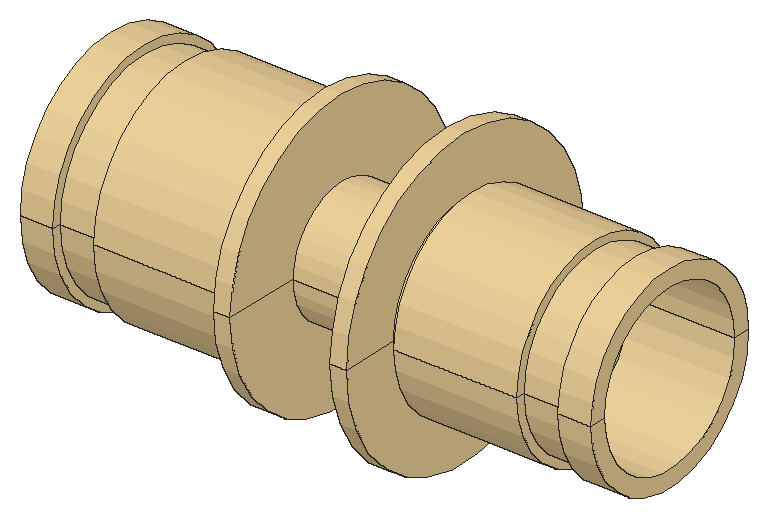
Revit family "ABC-PEX_Фитинг_Переходник Редукционный_Переходник Равностороний", category Соединительные детали трубопроводов, Revit 2019
Family settings
  Размер круглого соединителя = Использовать диаметр
  Тип детали = Переход
  На основе рабочей плоскости = Нет
  Всегда вертикально = Нет
  При загрузке вырезать с полостями = Нет
  Общий = Да
Parameters
  Таблица выбора = "ABC-PEX_Фитинг_Переходник Редукционный_Переходник Равностороний"  # constant formula
  Маткриал_Корпус = Латунь
  z [instance] = size_lookup(Таблица выбора, "z", 30 mm, DN1, DN2)  # 19 mm
  a [instance] = size_lookup(Таблица выбора, "a", 30 mm, DN1, DN2)  # 44 mm
  DN2 [instance] = 16 mm
  DN1 [instance] = 20 mm
  ADSK_Примечание = ""
  ADSK_Наименование [instance] = size_lookup(Таблица выбора, "ADSK_Наименование", "Нет в каталоге", DN1, DN2)  # "Переходник редукционный DN16x20"
  ADSK_Масса [instance] = size_lookup(Таблица выбора, "ADSK_Масса", 0, DN1, DN2)  # 0.008
  ADSK_Марка [instance] = size_lookup(Таблица выбора, "ADSK_Марка", "Нет в каталоге", DN1, DN2)  # "ABC-F-21620"
  ADSK_Завод-изготовитель = "Agpipe"  # constant formula
Reference planes
  plane 1 "По центру (Вперед/Назад)": y = 0
  plane 2: z = 0
  plane 3 "По центру (Влево/Вправо)": x = 0
  plane 4: y = 10
  plane 5: y = -10
  plane 6: x = -22
  plane 7: x = 22
  plane 8: x = -9.5
  plane 9: x = 9.5
  plane 10: y = 8
  plane 11: y = -8
  plane 12: y = 8
  plane 13: y = -8
Forms (mm)
  Revolve 1, solid, material "Латунь" <- "Маткриал_Корпус", detail levels fine
    sketch origin (0, 0, 0) x (1, 0, 0) y (0, 1, 0)
      loop
        line (22, 0) -> (22, 8) -> (9.5, 8) -> (9.5, 11) -> (8.5, 11) -> (8.5, 18) -> (6.5, 18) -> (6.5, 7.5) -> (-6.5, 7.5) -> (-6.5, 17) -> (-8.5, 17) -> (-8.5, 13) -> (-9.5, 13) -> (-9.5, 10) -> (-22, 10) -> (-22, 0) -> (22, 0)
      axis (-22, 0) -> (22, 0)
    angle from 0 to 360
  Revolve 2, void
    sketch origin (0, 0, 0) x (1, 0, 0) y (0, 1, 0)
      loop
        line (-22, 0) -> (-9.5, 0) -> (-9.5, 8) -> (-22, 8) -> (-22, 0)
      axis (-22, 0) -> (-9.5, 0)
    angle from 0 to 360
  Revolve 3, void
    sketch origin (0, 0, 0) x (1, 0, 0) y (0, 1, 0)
      loop
        line (9.5, 0) -> (22, 0) -> (22, 6) -> (9.5, 6) -> (9.5, 0)
      axis (9.5, 0) -> (22, 0)
    angle from 0 to 360
Cuts and joins
  Revolve 2, Revolve 3 cuts Revolve 1
Lines and regions (mm)
  reference lines
    curve 1: line (-22, 0, 0) -> (22, 0, 0)
  symbolic lines, detail levels coarse+medium
    curve 2: line (-22, 0, 0) -> (22, 0, 0)
Dimensions and locks
  equal spacing: plane 4, plane 1 "По центру (Вперед/Назад)", plane 5
  "DN1": plane 4 to plane 5
  equal spacing: plane 6, plane 3 "По центру (Влево/Вправо)", plane 7
  "a": plane 6 to plane 7
  equal spacing: plane 8, plane 3 "По центру (Влево/Вправо)", plane 9
  "z": plane 8 to plane 9
  equal spacing: plane 10, plane 1 "По центру (Вперед/Назад)", plane 11
  "DN2": plane 10 to plane 11
  locked: plane 8 to Revolve 1 sketch curve at 1
  locked: Revolve 1 sketch curve to Revolve 1 sketch curve at 2
  locked: Revolve 1 sketch curve to Revolve 1 sketch curve at 1
  locked: Revolve 1 sketch curve to plane 10 at 3
  locked: plane 4 to Revolve 2 sketch curve at 2
  locked: Revolve 1 sketch curve to Revolve 1 sketch curve at 7
  Revolve 1 sketch curve to Revolve 1 sketch curve to Revolve 1 sketch curve = 4 mm locked, 3 mm locked
  equal spacing: plane 12, plane 1 "По центру (Вперед/Назад)", plane 13
  "DN2": plane 12 to plane 13
  locked: plane 12 to Revolve 3 sketch curve at 2
  aligned and locked: level to plane 2
  aligned and locked: plane 7 to curve 1
  aligned and locked: plane 6 to curve 1
  aligned and locked: plane 1 "По центру (Вперед/Назад)" to Revolve 1 sketch curve
  aligned and locked: plane 4 to Revolve 1 sketch curve
  aligned and locked: plane 10 to Revolve 1 sketch curve
  aligned and locked: plane 7 to Revolve 1 sketch curve
  aligned and locked: Revolve 1 sketch curve to plane 6
  aligned and locked: Revolve 1 sketch curve to plane 8
  aligned and locked: Revolve 1 sketch curve to plane 9
  aligned and locked: plane 9 to nested 1
  aligned and locked: plane 8 to nested 2
  aligned and locked: Revolve 1 sketch curve to plane 1 "По центру (Вперед/Назад)"
  aligned and locked: Revolve 2 sketch curve to plane 6
  aligned and locked: plane 1 "По центру (Вперед/Назад)" to Revolve 2 sketch curve  (x2)
  aligned and locked: plane 1 "По центру (Вперед/Назад)" to Revolve 3 sketch curve
  aligned and locked: plane 6 to curve 2
  aligned and locked: plane 7 to curve 2
Automatic sketch dimensions
  plane 1 "По центру (Вперед/Назад)" to curve 1 = 0 mm
  Revolve 2 sketch curve to plane 8 = 0 mm
  Revolve 2 sketch curve to plane 6 = 7.256 mm
  Revolve 2 sketch curve to Revolve 2 sketch curve = 4.744 mm
  Revolve 1 sketch curve to plane 8 = 0 mm
  Revolve 1 sketch curve to Revolve 1 sketch curve = 2 mm
  Revolve 1 sketch curve to plane 4 = 2.5 mm
  Revolve 1 sketch curve to plane 9 = 4 mm
  plane 1 "По центру (Вперед/Назад)" to Revolve 3 sketch curve = 0 mm
  Revolve 3 sketch curve to plane 9 = 0 mm
  Revolve 3 sketch curve to plane 7 = 0 mm
  Revolve 3 sketch curve to plane 6 = 32 mm
  Revolve 3 sketch curve to Revolve 3 sketch curve = 18 mm
  plane 1 "По центру (Вперед/Назад)" to curve 2 = 0 mm
Nested families
  nested 1: "ABC-PEX_Фитинг_Надвижная гильза" at (21.5, 0, 0), DN <- "DN2", type "ABC-PEX_Фитинг_Надвижная гильза", detail levels fine
    with b 24 mm, a 24 mm, DN 16 mm, ADSK_Наименование "Надвижная гильза DN16", ADSK_Масса 0.008, ADSK_Марка "ABC-F-116"
  nested 2: "ABC-PEX_Фитинг_Надвижная гильза" at (-22, 0, 0) x (-1, 0, 0) z (0, 0, 1), DN <- "DN1", type "ABC-PEX_Фитинг_Надвижная гильза", detail levels fine
    with b 28 mm, a 25 mm, DN 20 mm, ADSK_Наименование "Надвижная гильза DN20", ADSK_Масса 0.012, ADSK_Марка "ABC-F-120"
Connectors
  piping at (-22, 0, 0), diameter 20, driven by "DN1"
    settings: on curve 1, index 1, connector inside diameter 609.6 mm, connector length 0 mm, flow factor 0, pipe flow 0.0 L/s, pressure drop 0.0 Pa, fitting loss kfactor 0, connector angle 0.00°, fixture units 0, engagement length 0 mm, angle of deflection 0.00°, flow configuration 0, flow direction 0, fitting loss method 0, system type 28, joint type 0, gender type 0, connector reference index 2, connector utility 0, adjustable connector no, is connector primary yes, connector description ""
  piping at (22, 0, 0), diameter 16, driven by "DN2"
    settings: on curve 1, index 2, connector inside diameter 609.6 mm, connector length 0 mm, flow factor 0, pipe flow 0.0 L/s, pressure drop 0.0 Pa, fitting loss kfactor 0, connector angle 0.00°, fixture units 0, engagement length 0 mm, angle of deflection 0.00°, flow configuration 0, flow direction 0, fitting loss method 0, system type 28, joint type 0, gender type 0, connector reference index 1, connector utility 0, adjustable connector no, is connector primary no, connector description ""
Definition of nested family "ABC-PEX_Фитинг_Надвижная гильза"
  Parameters (values of type "ABC-PEX_Фитинг_Надвижная гильза")
    Таблица выбора = "ABC-PEX_Фитинг_Надвижная гильза"  # constant formula
    Маткриал_Корпус = none
    b [instance] = size_lookup(Таблица выбора, "b", 30 mm, DN)  # 24 mm
    a [instance] = size_lookup(Таблица выбора, "a", 30 mm, DN)  # 24 mm
    DN [instance] = 16 mm
    ADSK_Примечание = ""
    ADSK_Наименование [instance] = size_lookup(Таблица выбора, "ADSK_Наименование", "Нет в каталоге", DN)  # "Надвижная гильза DN16"
    ADSK_Масса [instance] = size_lookup(Таблица выбора, "ADSK_Масса", 0, DN)  # 0.008
    ADSK_Марка [instance] = size_lookup(Таблица выбора, "ADSK_Марка", "Нет в каталоге", DN)  # "ABC-F-116"
    ADSK_Завод-изготовитель = "Agpipe"  # constant formula
  Reference planes
    plane 1 "По центру (Вперед/Назад)": y = 0
    plane 2: z = 0
    plane 3 "По центру (Влево/Вправо)": x = 0
    plane 4: y = 12
    plane 5: y = -12
    plane 6: x = -12
    plane 7: x = 12
    plane 8: y = 8
    plane 9: y = -8
  Forms (mm)
    Revolve 1, solid, material <- "Маткриал_Корпус"
      sketch origin (0, 0, 0) x (1, 0, 0) y (0, 1, 0)
        loop
          line (-12, 12) -> (-12, 10) -> (12, 10) -> (12, 12) -> (8, 12) -> (8, 11) -> (3, 11) -> (3, 12) -> (-12, 12)
        axis (-12, 0) -> (12, 0)
      angle from 0 to 360
  Lines and regions (mm)
    reference lines
      curve 1: line (-12, 0, 0) -> (12, 0, 0)
  Dimensions and locks
    equal spacing: plane 4, plane 1 "По центру (Вперед/Назад)", plane 5
    "b": plane 4 to plane 5
    equal spacing: plane 6, plane 3 "По центру (Влево/Вправо)", plane 7
    "a": plane 6 to plane 7
    plane 4 to Revolve 1 sketch curve = 2 mm
    equal spacing: plane 9, plane 1 "По центру (Вперед/Назад)", plane 8
    "DN": plane 9 to plane 8
    Revolve 1 sketch curve to Revolve 1 sketch curve to plane 7 = 5 mm locked, 4 mm locked
    Revolve 1 sketch curve to Revolve 1 sketch curve to plane 4 = 1 mm locked, 1 mm locked
    aligned and locked: level to plane 2
    aligned and locked: plane 1 "По центру (Вперед/Назад)" to Revolve 1 sketch curve
    aligned and locked: plane 4 to Revolve 1 sketch curve
    aligned and locked: Revolve 1 sketch curve to plane 4
    aligned and locked: plane 6 to Revolve 1 sketch curve
    aligned and locked: plane 7 to Revolve 1 sketch curve
    aligned and locked: plane 7 to curve 1
    aligned and locked: plane 6 to curve 1
  Automatic sketch dimensions
    plane 1 "По центру (Вперед/Назад)" to curve 1 = 0 mm
    plane 6 to Revolve 1 sketch curve = 5 mm
    Revolve 1 sketch curve to plane 7 = 4 mm
  Connectors
    piping at (-12, 0, 0), diameter 16, driven by "DN"
      settings: on curve 1, index 1, connector inside diameter 609.6 mm, connector length 0 mm, flow factor 0, pipe flow 0.0 L/s, pressure drop 0.0 Pa, fitting loss kfactor 0, connector angle 0.00°, fixture units 0, engagement length 0 mm, angle of deflection 0.00°, flow configuration 0, flow direction 0, fitting loss method 0, system type 28, joint type 0, gender type 0, connector reference index 2, connector utility 0, adjustable connector no, is connector primary yes, connector description ""
    piping at (12, 0, 0), diameter 16, driven by "DN"
      settings: on curve 1, index 2, connector inside diameter 609.6 mm, connector length 0 mm, flow factor 0, pipe flow 0.0 L/s, pressure drop 0.0 Pa, fitting loss kfactor 0, connector angle 0.00°, fixture units 0, engagement length 0 mm, angle of deflection 0.00°, flow configuration 0, flow direction 0, fitting loss method 0, system type 28, joint type 0, gender type 0, connector reference index 1, connector utility 0, adjustable connector no, is connector primary no, connector description ""
